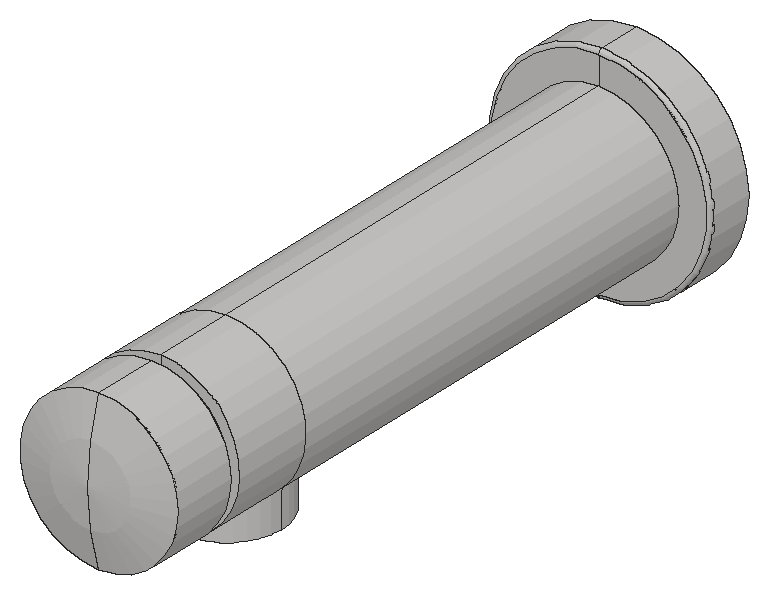
Revit family "TFC741510", category Plumbing Fixtures, Revit 2014
Parameters (values of type "TFC741510")
  Waste Connection = no
  Vent Connection = no
  URL = "http://www.yepsketch.com"
  Placement Height = 300 mm
  Model = "TFC741510"  # constant formula
  Manufacturer = "Enware"  # constant formula
  HW Connection = no
  Frame Material = Stainless Steel
  Description = ""
  CWFU = 0.5
  CW Connection = yes
  Author = "Yepsketch"  # constant formula
  Assembly Code = "D2010440"
Reference planes
  plane 1 "Center (Front/Back)": y = 0
  plane 2: z = 0
  plane 3 "Center (Left/Right)": x = 0
  plane 4 "Placement": z = 300
  plane 5: y = -110
  plane 6: y = -147
Forms (mm)
  Revolve 1, solid, material "Stainless Steel" <- "Frame Material"
    sketch origin (0, 0, 0) x (0, 1, 0) y (0, 0, 1)
      loop
        line (0, 300) -> (-146.991, 300)
        arc (-146.991, 300) -> (-146.16, 291.383) -> (-144, 283) r 55.5
        line (-144, 283) -> (-130, 283) -> (-130, 285.5) -> (-127.5, 285.5) -> (-127.5, 283) -> (-110, 283) -> (-10, 283) -> (-10, 276.871)
        arc (-10, 276.871) -> (-9.745, 276.255) -> (-9.129, 276) r 0.871
        line (-9.129, 276) -> (0, 276) -> (0, 300)
      axis (0, 300) -> (-146.991, 300)
    angle from 0 to 360
  Extrusion 2, solid, material "Stainless Steel" <- "Frame Material"
    sketch origin (0, 0, 300) x (-1, 0, 0) y (0, -1, 0)
      loop
        circle (0, 110) r 12
    from -20 to -10
  Extrusion 3, void
    sketch origin (0, 0, 0) x (1, 0, 0) y (0, 0, 1)
      loop
        line (11.311, 287) -> (-11.311, 287)
        arc (-11.311, 287) -> (-6.052, 283.805) -> (0, 282.691) r 17
        arc (0, 282.691) -> (6.052, 283.805) -> (11.311, 287) r 17
    from 27.069 to 127.5
Cuts and joins
  Extrusion 3 cuts Revolve 1
  joined: Revolve 1, Extrusion 2
Dimensions and locks
  "Placement Height": plane 4 "Placement" to level
  plane 1 "Center (Front/Back)" to plane 5 = 110 mm  (x2)
  plane 1 "Center (Front/Back)" to plane 6 = 147 mm
  aligned and locked: level to plane 2
Automatic sketch dimensions
  Revolve 1 sketch curve to plane 4 "Placement" = 0 mm  (x2)
  Revolve 1 sketch curve to plane 5 = 0 mm
  Revolve 1 sketch curve to plane 1 "Center (Front/Back)" = 0 mm  (x2)
  Revolve 1 sketch curve to plane 5 = 17.5 mm
  Revolve 1 sketch curve to Revolve 1 sketch curve = 2.5 mm  (x2)
  Revolve 1 sketch curve to plane 6 = 3 mm
  Revolve 1 sketch curve to plane 6 = 0.009 mm
  plane 4 "Placement" to Revolve 1 sketch curve = 1 mm
  plane 5 to Revolve 1 sketch curve = 18.5 mm
  Revolve 1 sketch curve to Revolve 1 sketch curve = 0.871 mm
  Revolve 1 sketch curve to plane 4 "Placement" = 17 mm
  plane 6 to Revolve 1 sketch curve = 23 mm
  Extrusion 2 sketch curve to plane 3 "Center (Left/Right)" = 0 mm
  Extrusion 2 sketch curve to plane 5 = 0 mm
  plane 1 "Center (Front/Back)" to Revolve 1 sketch curve = 10 mm
  Revolve 1 sketch curve to Revolve 1 sketch curve = 6.129 mm
  Extrusion 3 sketch curve to plane 3 "Center (Left/Right)" = 0 mm
  Extrusion 3 sketch curve to plane 4 "Placement" = 0.309 mm
  Extrusion 3 sketch curve to Extrusion 3 sketch curve = 4.309 mm
  Extrusion 3 sketch curve to Extrusion 3 sketch curve = 0 mm
  plane 3 "Center (Left/Right)" to Extrusion 3 sketch curve = 11.311 mm
  radius of Extrusion 2 sketch curve = 12 mm
Connectors
  piping at (0, 0, 300), diameter 12.7
    settings: on cut or joined group of Revolve 1, Extrusion 2, Extrusion 3, index 1, connector inside diameter 609.6 mm, connector length 0 mm, flow factor 0, pipe flow 0.0 L/s, pressure drop 0.0 Pa, fitting loss kfactor 0, connector angle 0.00°, fixture units 0.5, engagement length 0 mm, angle of deflection 0.00°, flow configuration 3, flow direction 1, fitting loss method 0, system type 20, joint type 0, gender type 0, connector reference index -1, connector utility 0, adjustable connector no, is connector primary yes, connector description ""
